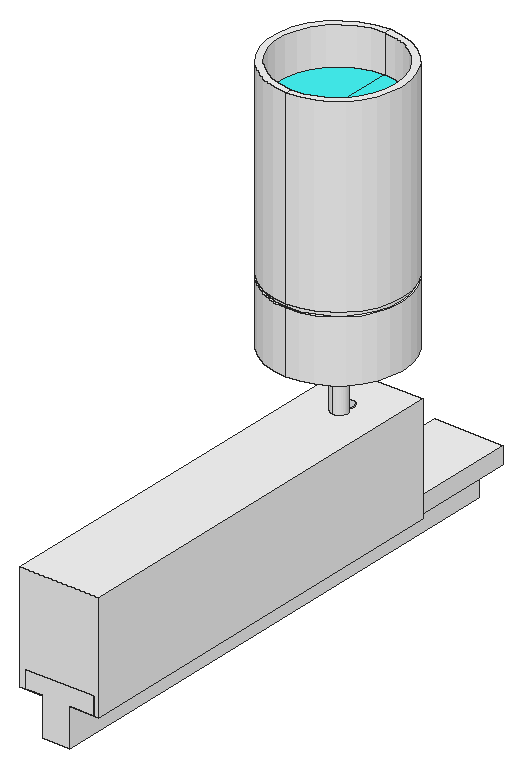
Revit family "Reggiani EVO Ø 60mm  Performance", category Modelli generici, host Superficie, Revit 2016
Family settings
  Host = Superficie
  Tipo di parte = Normale
  Può ospitare armatura = No
  Quota connettore circolare = Usa diametro
  Taglio con vuoti quando caricato = No
  Condiviso = No
  Punto di calcolo locali = No
Parameters (values of type "Reggiani EVO  Ø 60mm  Performance- mod GH 93  K- B- E-H")
  rotation light [instance] = 90.00°
  body = Reggiani Alluminio  white
  Youtube clip = ""
  Weight Net (Kg) = "0.65"
  Uniformat II Description = ""
  Uniformat II Code = ""
  Uniclass 2015 Name = ""
  Uniclass 2015 Code = ""
  Uniclass 2.0 Description = ""
  Uniclass 2.0 Code = ""
  Uniclass 1.4 Description = ""
  Uniclass 1.4 Code = ""
  URL = "http://www.reggiani.net/yori-system/famiglia/yori-evo-box"
  UNSPSC Code = ""
  Technical description = "http://www.reggiani.net/wp-content/plugins/icon-catalog/icon-catalog-assets/1/3/gen_file_20/Reggiani_Yori Brochure_Mains Voltage (10).pdf"
  Rotation oriz = 90.00°
  Region South America = "All"
  Region Oceania = "All"
  Region North America = "All"
  Region Middle East = "All"
  Region Europe = "All"
  Region Asia = "All"
  Region Antarctica = "All"
  Region Africa = "All"
  QR code = "http://bimobject.com/reggiani/product/yori_evo_box_60"
  Default Elevation = 1219.2 mm
  Produttore = "Reggiani Spa Illuminazione\r\nViale Monza 16, \r\n20845 Sovico (MB) Italia"
  Product url = "http://www.reggiani.net/yori-system/family/yori-evo-box"
  Product group = "Yori"
  Product family = "Track fixture"
  Product data url = "https://bimobject.com/reggiani/product/yori_evo_box_60"
  Product certification = "http://www.reggiani.net/wp-content/plugins/icon-catalog/icon-catalog-assets/1/3/gen_file_17/CB_Yori%20Evo.pdf"
  Product SKU = "yori_evo_box_60"
  Product Guid = "bc5f8e87-a0cc-467e-9572-0e7587368257"
  OmniClass Description = ""
  OmniClass Code = ""
  Nominal width = 60 mm
  Nominal height = 117 mm
  NBS Reference Description = ""
  NBS Reference Code = ""
  Modello = "Reggiani EVO  Ø 60mm  Performance- mod GH93  K- B- E-H"
  Material secondary = ""
  Material main = "Aluminium"
  Masterformat 2014 Description = ""
  Masterformat 2014 Code = ""
  Manufacturer name = "Reggiani"
  Manufacturer country = "Italy"
  Installation instructions = "http://www.reggiani.net/wp-content/plugins/icon-catalog/icon-catalog-assets/1/3/gen_file_8/I.M.%20Yori_Evo_Box.pdf"
  IFC Classification = ""
  GTIN code = ""
  Edition number = 1
  Design country = "Italy"
  Date of publishing = ""
  COBIe Type Category = ""
  Brand url = "http://www.reggiani.net/en/"
  BIMobject main category code = ""
  BIMobject main category = ""
  BIMobject category code = ""
  BIMobject category = ""
Types (3, lengths in mm): name | Modello
  Reggiani EVO  Ø 60mm  Performance- mod GH92  K- B- E-H | "Reggiani EVO  Ø 60mm  Performance- mod GH92  K- B- E-H"
  Reggiani EVO  Ø 60mm  Performance- mod GH 93  K- B- E-H | "Reggiani EVO  Ø 60mm  Performance- mod GH93  K- B- E-H"
  Reggiani EVO  Ø 60mm  Performance- mod GH 94  K- B- E-H | "Reggiani EVO  Ø 60mm  Performance- mod GH94 K- B- E-H"
Reference planes
  plane 1 "Centro (Fronte/Retro)": y = 0
  plane 2: z = 0.044
  plane 3 "Centro (Sinistra/Destra)": x = -2.919
  plane 4: z = 81.402
Forms (mm)
  Extrusion 1, solid, material "Reggiani Alluminio  white" <- "body"
    sketch origin (0, 0, 0) x (1, 0, 0) y (0, 0, 1)
      loop
        line (-20.487, 49.762) -> (-20.487, 0.044) -> (16.013, 0.044) -> (16.013, 49.762) -> (-20.487, 49.762)
    from -20.106 to 167.395
  Extrusion 2, solid
    sketch origin (-2.919, 0, 0) x (0, 1, 0) y (-1, 0, 0)
      loop
        circle (0, 0) r 3.086
      loop
        circle (0.888, 1.753) r 0.865
    from 49.762 to 50.017
  Extrusion 3, solid, material "Reggiani Alluminio  white" <- "body"
    sketch origin (-2.919, 0, 81.402) x (0.559193, 0, 0.829038) y (-0.829038, 0, 0.559193)
      loop
        line (-69.28, -28.672) -> (-75.82, -33.084) -> (-71.495, -39.496) -> (-86.102, -49.349) -> (-79.069, -59.776) -> (-64.498, -49.948) -> (-58.259, -59.199) -> (-51.682, -54.762) -> (-69.28, -28.672)
    from -69.366 to 167.395
Lines and regions (mm)
  reference lines
    curve 1: line (-2.919, 0, 0) -> (-2.919, 13.672, 0)
Dimensions and locks
  locked: plane 4 to host face at 81.358
  locked: Extrusion 1 to host face at 49.718
  "Rotation oriz": angle plane 1 "Centro (Fronte/Retro)" to curve 1
  aligned and locked: plane 2 to host face
  aligned and locked: level to host face
  aligned and locked: plane 1 "Centro (Fronte/Retro)" to curve 1
  aligned and locked: plane 3 "Centro (Sinistra/Destra)" to curve 1
  aligned and locked: Extrusion 2 to Extrusion 1
Automatic sketch dimensions
  host sketch curve to host sketch curve = 138.228 mm
  host sketch curve to host sketch curve = 109.922 mm
  level to Extrusion 1 sketch curve = 0.044 mm
  Extrusion 1 sketch curve to plane 3 "Centro (Sinistra/Destra)" = 17.567 mm
  plane 3 "Centro (Sinistra/Destra)" to Extrusion 1 sketch curve = 18.933 mm
  plane 4 to Extrusion 1 sketch curve = 31.64 mm
  Extrusion 2 sketch curve to curve 1 = 0 mm  (x2)
  curve 1 to Extrusion 2 sketch curve = 0.888 mm
  curve 1 to Extrusion 2 sketch curve = 1.753 mm
  Extrusion 3 sketch curve to plane 2 = 0 mm  (x2)
  Extrusion 3 sketch curve to level = 0 mm
  Extrusion 3 sketch curve to plane 3 "Centro (Sinistra/Destra)" = 7.236 mm
  Extrusion 3 sketch curve to level = 17.576 mm
  Extrusion 3 sketch curve to Extrusion 3 sketch curve = 7.033 mm
  Extrusion 3 sketch curve to Extrusion 3 sketch curve = 4.325 mm
  Extrusion 3 sketch curve to Extrusion 3 sketch curve = 6.541 mm
  Extrusion 3 sketch curve to Extrusion 3 sketch curve = 6.24 mm
  radius of Extrusion 2 sketch curve = 3.086 mm
  radius of Extrusion 2 sketch curve = 0.865 mm
Nested families
  nested 1: "Yori evo- frame 1" at (-2.6, -2.081, 50.017) x (0, 1, 0) z (0, 0, 1), rotation light <- "rotation light", Body white <- "body", type "Yori evo- frame 1"
    with rotation light 90.00°, Body white Reggiani Alluminio  white
  nested 2: "Famiglia1" at (-2.6, -6.029, 177.539) x (-1, 0, 0) z (0, 0, 1), type "Famiglia1"
Connectors
  electrical at (-3.866, -49.014, -17.576)
    settings: on Extrusion 3, index 1, voltage 0 V, apparent load 0 VA, apparent load phase1 0 VA, apparent load phase2 0 VA, apparent load phase3 0 VA, power factor 1, load classification "Altro", number of poles 1, system type 31, power factor state 1, is connector primary yes, connector utility no, sub classification motor no, connector description ""
Definition of nested family "Yori evo- frame 1"
  Parameters (values of type "Yori evo- frame 1")
    rotation light [instance] = 90.00°
    Default Elevation = 1219.2 mm
    Lens = none
    Body white [instance] = none
  Reference planes
    plane 1 "Centro (Fronte/Retro)": y = 0
    plane 2: z = -1.258
    plane 3 "Centro (Sinistra/Destra)": x = -2.919
    plane 4: z = 48.946
  Forms (mm)
    Extrusion 1, solid
      sketch origin (-3.719, 0, 21.38) x (1, 0, 0) y (0, 1, 0)
        loop
          line (-1219.2, 1219.2) -> (-1219.2, -1219.2) -> (1219.2, -1219.2) -> (1219.2, 1219.2) -> (-1219.2, 1219.2)
      from -22.638 to -304.8
    Revolve 2, solid, material <- "Body white"
      sketch origin (-3.758, 0, 48.625) x (0, 0, 1) y (-1, 0, 0)
        loop
          line (96.338, 30.049) -> (8.887, 30.049) -> (8.887, 29.015) -> (6.887, 29.015) -> (6.887, 30.049) -> (-21.571, 30.049) -> (-21.571, 0.785) -> (-18.848, 0.785) -> (-18.848, 27.049) -> (96.338, 27.049) -> (96.338, 30.049)
        axis (96.338, 0) -> (-21.571, 0)
      angle from 0 to 360
    Extrusion 3, solid, material <- "Body white"
      sketch origin (0, 0, 21.38) x (1, 0, 0) y (0, 1, 0)
        loop
          circle (-2.919, 0) r 3.676
      from 25 to -22.638
    Revolve 4, solid, material <- "Lens"
      sketch origin (-3.145, 0, 58.952) x (0, 0, 1) y (-1, 0, 0)
        loop
          line (68.57, 27.699) -> (66.411, 27.699) -> (66.411, 1.103) -> (68.57, 1.103) -> (68.57, 27.699)
        axis (68.57, 0) -> (66.411, 0)
      angle from 0 to 360
  Lines and regions (mm)
    reference lines
      curve 1: line (-2.919, 0, 48.946) -> (-2.919, 0, 113.821)
  Dimensions and locks
    "rotation light": angle plane 4 to curve 1
    aligned and locked: plane 2 to Extrusion 1
    aligned and locked: plane 3 "Centro (Sinistra/Destra)" to curve 1
    aligned and locked: plane 4 to curve 1
  Automatic sketch dimensions
    Extrusion 1 sketch curve to Extrusion 1 sketch curve = 2438.4 mm  (x2)
    plane 1 "Centro (Fronte/Retro)" to Extrusion 3 sketch curve = 0 mm
    plane 3 "Centro (Sinistra/Destra)" to Extrusion 3 sketch curve = 0 mm
    Revolve 2 sketch curve to curve 1 = 1.624 mm
    Revolve 2 sketch curve to curve 1 = 21.892 mm
    Revolve 2 sketch curve to Revolve 2 sketch curve = 2.722 mm
    curve 1 to Revolve 2 sketch curve = 6.566 mm
    Revolve 2 sketch curve to Revolve 2 sketch curve = 2 mm
    Revolve 2 sketch curve to curve 1 = 27.888 mm
    curve 1 to Revolve 2 sketch curve = 29.854 mm
    Revolve 2 sketch curve to Revolve 2 sketch curve = 3 mm
    curve 1 to Revolve 2 sketch curve = 0.731 mm
    Revolve 2 sketch curve to curve 1 = 0.839 mm
    Revolve 2 sketch curve to Revolve 2 sketch curve = 9.099 mm
    curve 1 to Revolve 4 sketch curve = 11.543 mm
    Revolve 4 sketch curve to Revolve 4 sketch curve = 2.159 mm
    Revolve 4 sketch curve to curve 1 = 1.329 mm
    curve 1 to Revolve 4 sketch curve = 27.924 mm
    Revolve 4 sketch curve to curve 1 = 0.226 mm
    curve 1 to Revolve 4 sketch curve = 5.104 mm
    Revolve 4 sketch curve to Revolve 4 sketch curve = 2.37 mm
    curve 1 to Revolve 2 sketch curve = 31.142 mm
    Revolve 2 sketch curve to Revolve 2 sketch curve = 1.034 mm
    radius of Extrusion 3 sketch curve = 3.676 mm
Definition of nested family "Famiglia1"
  Parameters (values of type "Famiglia1")
    Wattage = 9.2903 W
    Dimming Lamp Color Temperature Shift = (empty or 0)
    built-in parameter 1150107 = 3200 (stored number, unit not read)
    Default Elevation = 1219.2 mm
    built-in parameter 1150110 = 1 (stored number, unit not read)
    built-in parameter 1150109 = 1 (stored number, unit not read)
    built-in parameter 1114218 = 1 (stored number, unit not read)
    built-in parameter 1150112 = 1 (stored number, unit not read)
    built-in parameter 1150137 = (empty or 0)
    built-in parameter 1150132 = (empty or 0)
    built-in parameter 1150105 = 109.82 (stored number, unit not read)
    built-in parameter 1150102 = (empty or 0)
    built-in parameter 1150106 = 1.0982 (stored number, unit not read)
    Lumens = 1380 lm
    Color Filter = 16777215
    Photometric Web File = "BG03B_NN_12,5W_9D.ies"
    built-in parameter 1114217 = 1 (stored number, unit not read)
    built-in parameter 1150139 = (empty or 0)
    built-in parameter 1150104 = 13.8 (stored number, unit not read)
    built-in parameter 1150115 = 1 (stored number, unit not read)
    built-in parameter 1150114 = 1 (stored number, unit not read)
    built-in parameter 1150113 = 1 (stored number, unit not read)
    built-in parameter 1150134 = 3
    built-in parameter 1150138 = (empty or 0)
    Tilt Angle = 90.00°
    built-in parameter 1150133 = 10 (stored number, unit not read)
  Reference planes
    plane 1 "Centro (Fronte/Retro)": y = 0
    plane 2: z = 0
    plane 3 "Centro (Sinistra/Destra)": x = 0
  Forms (mm)
    Extrusion 1, solid
      sketch origin (0, 0, 0) x (1, 0, 0) y (0, 1, 0)
        loop
          line (-1219.2, 1219.2) -> (-1219.2, -1219.2) -> (1219.2, -1219.2) -> (1219.2, 1219.2) -> (-1219.2, 1219.2)
      from 0 to -304.8
  Dimensions and locks
    aligned and locked: plane 2 to Extrusion 1
    aligned and locked: level to Extrusion 1
